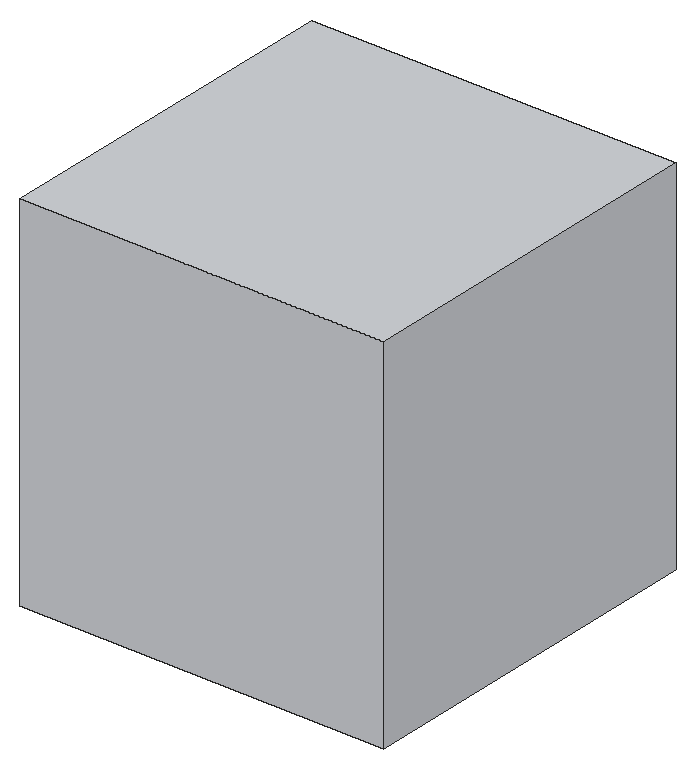
Revit family "AH_CubeGenericObjectData", category Generic Models, Revit 2025
Family settings
  Can host rebar = No
  Round Connector Dimension = Use Diameter
  Part Type = Normal
  Work Plane-Based = No
  Always vertical = Yes
  Cut with Voids When Loaded = No
  Maintain Annotation Orientation = No
  Shared = No
  Room Calculation Point = No
Parameters
  Default Elevation = 0 mm
Reference planes
  plane 1 "Center (Front/Back)": y = 0
  plane 2: z = 0
  plane 3 "Center (Left/Right)": x = 0
Forms (mm)
  Extrusion 1, solid
    sketch origin (190.139, -250, 0) x (1, 0, 0) y (0, 1, 0)
      loop
        line (-440.139, 0.464) -> (59.861, 0.464) -> (59.861, 500.464) -> (-440.139, 500.464) -> (-440.139, 0.464)
    from 0 to 500
Dimensions and locks
  aligned and locked: level to plane 2
